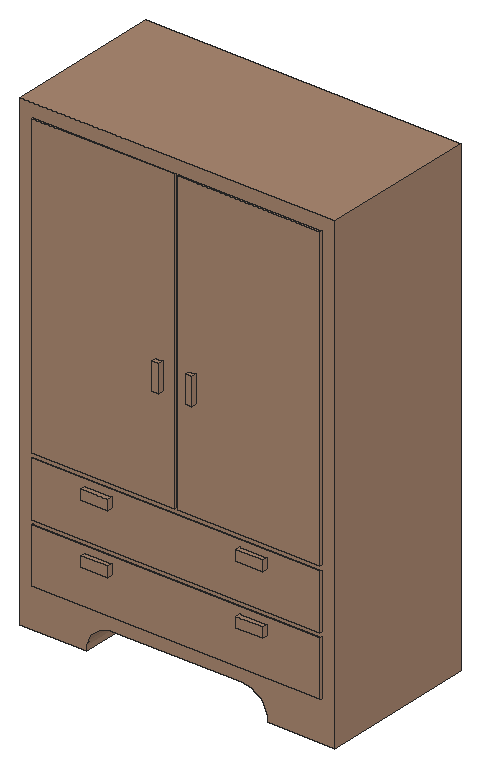
Revit family
Parameters (values of type "1200 x 1800 x 600mm")
  Keynote = "N"
  Assembly Code = ""
  Depth = 600 mm
  Material = Wood - Mahogany
  Height = 1800 mm
  Width = 1200 mm
Types (3, lengths in mm): name | Depth | Width
  900 x 1800 x 500mm | 500 | 900
  1200 x 1800 x 600mm | 600 | 1200
  1500 x 1800 x 600mm | 600 | 1500
Reference planes
  plane 1 "Center F/B": y = -583.739
  plane 2: z = 0
  plane 3 "Center L/R": x = -269.193
  plane 4 "Back": y = -283.739
  plane 5 "Front": y = -883.739
  plane 6 "Right": x = 330.807
  plane 7 "Left": x = -869.193
  plane 8: z = 1800
  plane 9: x = -513.593
  plane 10: x = -24.793
  plane 11: z = 1749.2
  plane 12: z = 152.4
  plane 13: x = -818.393
  plane 14: x = 280.007
  plane 15: z = 1765.3
  plane 16: x = -615.193
  plane 17: x = -513.593
  plane 18: x = 76.807
  plane 19: x = -24.793
  plane 20: z = 608.629
  plane 21: z = 380.514
  plane 22: x = -218.393
  plane 23: x = -319.993
  plane 24: z = 589.579
  plane 25: z = 361.464
  plane 26: z = 1521.086
  plane 27: z = 1292.971
  plane 28: z = 1064.857
  plane 29: z = 836.743
  plane 30: y = -909.139
  plane 31: z = 564.179
  plane 32: z = 526.079
  plane 33: z = 336.064
  plane 34: z = 297.964
  plane 35: x = -345.393
  plane 36: x = -192.993
  plane 37: y = -890.089
Forms (mm)
  Extrusion 1, solid, material "Wood - Mahogany" <- "Material"
    sketch origin (0, -883.739, 0) x (1, 0, 0) y (0, 0, 1)
      loop
        line (76.807, 0) -> (330.807, 0) -> (330.807, 1800) -> (-869.193, 1800) -> (-869.193, 0) -> (-615.193, 0)
        arc (-615.193, 0) -> (-585.435, 71.842) -> (-513.593, 101.6) r 101.6
        line (-513.593, 101.6) -> (-24.793, 101.6)
        arc (-24.793, 101.6) -> (47.049, 71.842) -> (76.807, 0) r 101.6
    from 0 to -600
  Extrusion 2, solid, material "Wood - Mahogany" <- "Material"
    sketch origin (0, -883.739, 0) x (1, 0, 0) y (0, 0, 1)
      loop
        line (-818.393, 589.579) -> (-818.393, 380.514) -> (280.007, 380.514) -> (280.007, 589.579) -> (-818.393, 589.579)
      loop
        line (-818.393, 361.464) -> (-818.393, 152.4) -> (280.007, 152.4) -> (280.007, 361.464) -> (-818.393, 361.464)
      loop
        line (-818.393, 1749.2) -> (-818.393, 608.629) -> (-275.543, 608.629) -> (-275.543, 1749.2) -> (-818.393, 1749.2)
      loop
        line (280.007, 608.629) -> (280.007, 1749.2) -> (-262.843, 1749.2) -> (-262.843, 608.629) -> (280.007, 608.629)
    from 0 to 6.35
  Extrusion 3, solid, material "Wood - Mahogany" <- "Material"
    sketch origin (0, -883.739, 0) x (1, 0, 0) y (0, 0, 1)
      loop
        line (-345.393, 1095.7) -> (-345.393, 994.1) -> (-319.993, 994.1) -> (-319.993, 1095.7) -> (-345.393, 1095.7)
      loop
        line (-218.393, 1095.7) -> (-218.393, 994.1) -> (-192.993, 994.1) -> (-192.993, 1095.7) -> (-218.393, 1095.7)
      loop
        line (-615.193, 564.179) -> (-615.193, 526.079) -> (-513.593, 526.079) -> (-513.593, 564.179) -> (-615.193, 564.179)
      loop
        line (76.807, 564.179) -> (-24.793, 564.179) -> (-24.793, 526.079) -> (76.807, 526.079) -> (76.807, 564.179)
      loop
        line (-24.793, 336.064) -> (-24.793, 297.964) -> (76.807, 297.964) -> (76.807, 336.064) -> (-24.793, 336.064)
      loop
        line (-615.193, 336.064) -> (-615.193, 297.964) -> (-513.593, 297.964) -> (-513.593, 336.064) -> (-615.193, 336.064)
    from 6.35 to 25.4
Lines and regions (mm)
  Masking region 1
    outline origin (0, 0, 0) x (1, 0, 0) y (0, 1, 0)
      loop
        line (-869.193, -283.739) -> (-869.193, -883.739) -> (330.807, -883.739) -> (330.807, -283.739) -> (-869.193, -283.739)
  symbolic lines
    curve 1: line (-869.193, -283.739, 0) -> (330.807, -283.739, 0)
    curve 2: line (-869.193, -283.739, 0) -> (-869.193, -883.739, 0)
    curve 3: line (-869.193, -883.739, 0) -> (330.807, -883.739, 0)
    curve 4: line (330.807, -283.739, 0) -> (330.807, -883.739, 0)
    curve 5: line (-24.793, -909.139, 0) -> (76.807, -909.139, 0)
    curve 6: line (-24.793, -883.739, 0) -> (-24.793, -909.139, 0)
    curve 7: line (76.807, -883.739, 0) -> (-24.793, -883.739, 0)
    curve 8: line (76.807, -909.139, 0) -> (76.807, -883.739, 0)
    curve 9: line (-513.593, -909.139, 0) -> (-615.193, -909.139, 0)
    curve 10: line (-513.593, -909.139, 0) -> (-513.593, -883.739, 0)
    curve 11: line (-615.193, -883.739, 0) -> (-615.193, -909.139, 0)
Dimensions and locks
  equal spacing: plane 7 "Left", plane 3 "Center L/R", plane 6 "Right"
  equal spacing: plane 5 "Front", plane 1 "Center F/B", plane 4 "Back"
  "Width": plane 7 "Left" to plane 6 "Right"
  "Depth": plane 5 "Front" to plane 4 "Back"
  "Height": plane 8 to plane 2
  locked: plane 7 "Left" to plane 9 at 355.6
  locked: plane 6 "Right" to plane 10 at 355.6
  locked: plane 8 to plane 11 at 50.8
  plane 12 to plane 2 = 152.4 mm
  locked: plane 7 "Left" to plane 13 at 50.8
  locked: plane 14 to plane 6 "Right" at 50.8
  plane 7 "Left" to plane 16 = 254 mm
  plane 6 "Right" to plane 18 = 254 mm
  equal spacing: plane 11, plane 26, plane 27, plane 28, plane 29, plane 20, plane 21, plane 12
  plane 20 to plane 24 = 19.05 mm
  plane 21 to plane 25 = 19.05 mm
  plane 16 to plane 17 = 101.6 mm
  plane 19 to plane 18 = 101.6 mm
  locked: plane 30 to plane 5 "Front" at 25.4
  plane 24 to plane 31 to plane 32 = 25.4 mm, 38.1 mm
  plane 25 to plane 33 to plane 34 = 25.4 mm, 38.1 mm
  locked: plane 23 to plane 35 at 25.4
  locked: plane 22 to plane 36 at 25.4
  locked: plane 5 "Front" to plane 37 at 6.35
  aligned and locked: Extrusion 1 to plane 4 "Back"
  aligned and locked: curve 3 to curve 8
  aligned and locked: Extrusion 2 to plane 37
  aligned and locked: Extrusion 3 to plane 37
  aligned and locked: Extrusion 3 to plane 30
  aligned and locked: plane 4 "Back" to curve 1
  aligned and locked: plane 7 "Left" to curve 2
  aligned and locked: plane 6 "Right" to curve 4
  aligned and locked: plane 5 "Front" to curve 3
  aligned and locked: plane 19 to curve 6
  aligned and locked: plane 18 to curve 8
  aligned and locked: plane 30 to curve 5
  aligned and locked: curve 9 to Extrusion 3
  aligned and locked: curve 10 to Extrusion 3
  aligned and locked: curve 11 to plane 16
  aligned: Masking region 1 sketch curve to plane 5 "Front"
Automatic sketch dimensions
  Extrusion 1 sketch curve to level = 0 mm  (x2)
  Extrusion 1 sketch curve to plane 7 "Left" = 0 mm
  Extrusion 1 sketch curve to plane 9 = 0 mm
  Extrusion 1 sketch curve to plane 10 = 0 mm
  Extrusion 1 sketch curve to plane 6 "Right" = 0 mm
  Extrusion 1 sketch curve to Extrusion 1 sketch curve = 101.6 mm
  Extrusion 1 sketch curve to plane 8 = 0 mm
  Extrusion 2 sketch curve to plane 11 = 0 mm  (x2)
  Extrusion 2 sketch curve to plane 13 = 0 mm  (x3)
  Extrusion 2 sketch curve to plane 20 = 0 mm  (x2)
  Extrusion 2 sketch curve to plane 14 = 0 mm  (x3)
  Extrusion 2 sketch curve to plane 3 "Center L/R" = 6.35 mm
  plane 3 "Center L/R" to Extrusion 2 sketch curve = 6.35 mm
  Extrusion 3 sketch curve to plane 16 = 0 mm  (x2)
  Extrusion 3 sketch curve to plane 17 = 0 mm  (x2)
  Extrusion 3 sketch curve to plane 35 = 0 mm
  Extrusion 3 sketch curve to plane 23 = 0 mm
  Extrusion 3 sketch curve to plane 22 = 0 mm
  Extrusion 3 sketch curve to plane 36 = 0 mm
  Extrusion 3 sketch curve to plane 19 = 0 mm  (x2)
  Extrusion 3 sketch curve to plane 18 = 0 mm  (x2)
  Extrusion 3 sketch curve to plane 34 = 0 mm  (x2)
  Extrusion 3 sketch curve to plane 33 = 0 mm  (x2)
  Extrusion 3 sketch curve to plane 32 = 0 mm  (x2)
  Extrusion 3 sketch curve to plane 31 = 0 mm  (x2)
  plane 28 to Extrusion 3 sketch curve = 70.757 mm  (x2)
  Extrusion 3 sketch curve to plane 28 = 30.843 mm  (x2)
  Extrusion 2 sketch curve to plane 12 = 0 mm
  Extrusion 2 sketch curve to plane 25 = 0 mm
  Extrusion 2 sketch curve to plane 21 = 0 mm
  Extrusion 2 sketch curve to plane 24 = 0 mm
  plane 5 "Front" to Masking region 1 sketch curve = 0 mm
  Masking region 1 sketch curve to plane 7 "Left" = 0 mm
  Masking region 1 sketch curve to plane 6 "Right" = 0 mm
  Masking region 1 sketch curve to plane 4 "Back" = 0 mm
